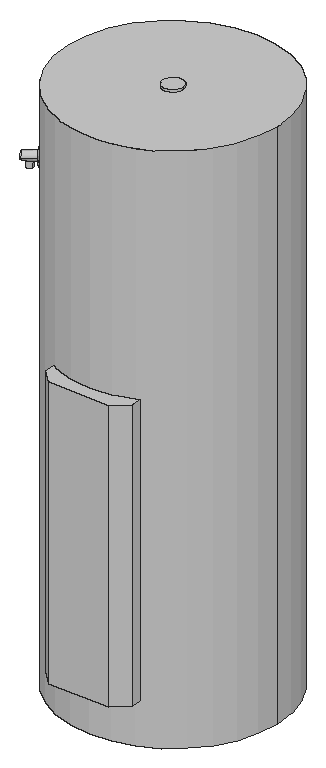
Revit family "DC_Rheem_PLM_ HeavyDutyElectric_315L", category Plumbing Fixtures, host Face, Revit 2020
Family settings
  Host = Face
  Round Connector Dimension = Use Radius
  Part Type = Normal
  Cut with Voids When Loaded = No
  Shared = No
  Room Calculation Point = No
Parameters (values of type "Heavy Duty Electric  - Indoor/Outdoor - 315L - 6 x 3.6kW")
  URL = "http://www.rheem.com.au/CommercialProducts"
  Type Comments = "690L first hour delivery @ 50oC rise"
  T&PRValveConnection_ANZRS = 3/8"
  Radius_ANZRS = Dia / 2  # 319 mm
  Model = "61631507"
  Materials_ANZRS = Rheem - Joey Grey Steel
  Manufacturer = "Rheem"
  L1_ANZRS = 264 mm
  HotWaterPipeRadius_ANZRS = 5/8"
  HotWaterOutletHeight_ANZRS = 1294 mm
  Height_ANZRS = 1635 mm
  H1_ANZRS = 825 mm
  H_ANZRS = 124 mm
  Dia = 638 mm
  DesignBy_ANZRS = "Design Content ©\r\n"
  Description = "Heavy Duty Electric - Indoor/Outdoor - 315L - 6 x 3.6kW"
  Default Elevation = 0 mm
  Cold Water Pipe Radius = 5/8"
  Cold Water Inlet Height = 128 mm
  Author_ANZRS = "DM"
  Assembly Code = ""
Types (6, lengths in mm): name | Type Comments | Model | H1_ANZRS | Description
  Heavy Duty Electric  - Indoor/Outdoor - 315L - 3 x 3.6kW | "500L first hour delivery @ 50oC rise" | "61331507\r\n" | 475 | "Heavy Duty Electric  - Indoor/Outdoor - 315L - 3 x 3.6kW"
  Heavy Duty Electric  - Indoor/Outdoor - 315L - 3 x 4.8kW | "560L first hour delivery @ 50oC rise" | "61331508" | 475 | "Heavy Duty Electric  - Indoor/Outdoor - 315L - 3 x 4.8kW"
  Heavy Duty Electric  - Indoor/Outdoor - 315L - 3 x 6.0kW | "620L first hour delivery @ 50oC rise" | "61331509" | 475 | "Heavy Duty Electric  - Indoor/Outdoor - 315L - 3 x 6.0kW"
  Heavy Duty Electric  - Indoor/Outdoor - 315L - 6 x 3.6kW | "690L first hour delivery @ 50oC rise" | "61631507" | 825 | "Heavy Duty Electric - Indoor/Outdoor - 315L - 6 x 3.6kW"
  Heavy Duty Electric  - Indoor/Outdoor - 315L - 6 x 4.8kW | "810L first hour delivery @ 50oC rise" | "61631508" | 825 | "Heavy Duty Electric - Indoor/Outdoor - 315L - 6 x 4.8kW"
  Heavy Duty Electric  - Indoor/Outdoor - 315L - 6 x 6.0kW | "930L first hour delivery @ 50oC rise" | "61631509" | 825 | "Heavy Duty Electric  - Indoor/Outdoor - 315L - 6 x 6.0kW"
Reference planes
  plane 1 "Center (Front/Back)": y = 0
  plane 2: z = 0
  plane 3 "Center (Left/Right)": x = 0
  plane 4 "Dia 4": x = -319
  plane 5 "Dia 3": x = 319
  plane 6 "Dia 1": y = 319
  plane 7 "Dia 2": y = -319
  plane 8 "Box Depth": y = -359
  plane 9 "Box L1": x = -132
  plane 10 "Box L2": x = 132
  plane 11 "Height": z = 1635
  plane 12 "Box Base": z = 124
  plane 13 "Box H": z = 949
  plane 14: through (-132, -319, 1219.2) normal (-0.7071, -0.7071, 0)
  plane 15: through (132, -319, 1219.2) normal (-0.7071, 0.7071, 0)
  plane 16 "Valve Center": through (0, 0, 1219.2) normal (0.5299, -0.848, 0)
  plane 17 "FireProof Base": z = 0
  plane 18 "Inlet Center": z = 128
  plane 19 "Conn Ex": x = -324
  plane 20 "Outlet Center": z = 1422
  plane 21 "Total H": z = 1640
  plane 22 "Ex 2": through (-259.007, -161.846, 1219.2) normal (-0.848, -0.5299, 0)
  plane 23 "Ex": x = -314
  plane 24 "Base Dia 2": x = 370
  plane 25 "Base Dia 1": x = -370
  plane 26: z = 1392
  plane 27 "C2 Center": y = 274
Forms (mm)
  Extrusion 1, solid, material "Rheem - Joey Grey Steel" <- "Materials_ANZRS"
    sketch origin (0, 0, 0) x (1, 0, 0) y (0, 1, 0)
      loop
        circle (0, 0) r 319
    from 0 to 1635
  Extrusion 2, solid, material "Rheem - Joey Grey Steel" <- "Materials_ANZRS"
    sketch origin (0, 0, 0) x (1, 0, 0) y (0, 1, 0)
      loop
        line (-132, -290.408) -> (-132, -319) -> (-92, -359) -> (92, -359) -> (132, -319) -> (132, -290.408)
        arc (132, -290.408) -> (0, -319) -> (-132, -290.408) r 319
    from 124 to 949
  Extrusion 3, solid, material "Rheem - Joey Grey Steel" <- "Materials_ANZRS"
    sketch origin (0, 0, 0) x (0, 1, 0) y (0, 0, 1)
      loop
        circle (0, 128) r 15.875
    from -324 to -314
  Extrusion 4, solid, material "Rheem - Joey Grey Steel" <- "Materials_ANZRS"
    sketch origin (0, 0, 0) x (1, 0, 0) y (0, 1, 0)
      loop
        circle (0, 0) r 30
    from 1635 to 1640
  Revolve 5, solid, material "Rheem - Joey Grey Steel" <- "Materials_ANZRS"
    sketch origin (-476.919, -4572, 1422) x (-1, 0, 0) y (0, -1, 0)
      loop
        line (-217.912, -4410.154) -> (-201.607, -4436.247) -> (-191.852, -4430.151) -> (-191.852, -4419.554) -> (-196.484, -4412.14) -> (-162.413, -4390.85) -> (-163.939, -4388.408) -> (-161.29, -4386.752) -> (-166.673, -4378.137) -> (-169.323, -4379.792) -> (-217.912, -4410.154)
      axis (-217.912, -4410.154) -> (-166.673, -4378.137)
    angle from 0 to 360
  Extrusion 6, solid, material "Rheem - Joey Grey Steel" <- "Materials_ANZRS"
    sketch origin (0, 0, 0) x (0, 1, 0) y (0, 0, 1)
      loop
        circle (0, 1422) r 15.875
    from -324 to -314
  Extrusion 7, solid, material "Rheem - Joey Grey Steel" <- "Materials_ANZRS"
    sketch origin (0, 0, 0) x (1, 0, 0) y (0, 1, 0)
      loop
        circle (-291.063, -181.877) r 9.525
    from 1392 to 1422
Cuts and joins
  joined: Extrusion 1, Extrusion 2, Extrusion 3, Revolve 5, Extrusion 6, Extrusion 7
Lines and regions (mm)
  Masking region 1
    outline origin (0, 0, 0) x (1, 0, 0) y (0, 1, 0)
      loop
        arc (-92.836, -358.164) -> (0, -370) -> (92.836, -358.164) r 370
        line (92.836, -358.164) -> (132, -319) -> (132, -290.408)
        arc (132, -290.408) -> (268.206, -172.704) -> (319, 0) r 319
        arc (319, 0) -> (-172.704, 268.206) -> (-132, -290.408) r 319
        line (-132, -290.408) -> (-132, -319) -> (-92.836, -358.164)
  Masking region 2
    outline origin (0, 0, 0) x (1, 0, 0) y (0, 0, 1)
      loop
        line (-319, 1635) -> (-319, 0) -> (319, 0) -> (319, 1635) -> (-319, 1635)
  Masking region 3
    outline origin (0, 0, 0) x (0, 1, 0) y (0, 0, 1)
      loop
        line (319, 1635) -> (30, 1635) -> (30, 1640) -> (-30, 1640) -> (-30, 1635) -> (-319, 1635) -> (-319, 949) -> (-359, 949) -> (-359, 124) -> (-319, 124) -> (-319, 0) -> (319, 0) -> (319, 1635)
  symbolic lines, style "Rheem - Heavy Duty Electric", detail levels fine
    curve 1: line (319, 0, 1635) -> (-319, 0, 1635)
    curve 2: line (319, 0, 0) -> (319, 0, 1635)
    curve 3: line (-319, 0, 1635) -> (-319, 0, 1337.875)
    curve 4: line (30, 0, 1640) -> (-30, 0, 1640)
    curve 5: line (30, 0, 1635) -> (30, 0, 1640)
    curve 6: line (-30, 0, 1635) -> (30, 0, 1635)
    curve 7: line (-30, 0, 1640) -> (-30, 0, 1635)
    curve 8: line (-319, 0, 0) -> (319, 0, 0)
    curve 9: line (-324, 0, 1337.875) -> (-319, 0, 1337.875)
    curve 10: line (-324, 0, 1406.125) -> (-319, 0, 1406.125)
    curve 11: line (-324, 0, 1406.125) -> (-324, 0, 1337.875)
    curve 12: arc (-319, 0, 1337.875) -> (-324, 0, 1372) -> (-319, 0, 1406.125) r 118.952
    curve 13: line (-319, 0, 1406.125) -> (-319, 0, 143.875)
    curve 14: line (-319, 0, 112.125) -> (-319, 0, 0)
    curve 15: arc (-319, 0, 143.875) -> (-318.168, 0, 128) -> (-319, 0, 112.125) r 151.867
    curve 16: line (-132, 0, 949) -> (-132, 0, 124)
    curve 17: line (132, 0, 949) -> (132, 0, 124)
    curve 18: line (-132, 0, 949) -> (132, 0, 949)
    curve 19: line (-132, 0, 124) -> (132, 0, 124)
    curve 20: line (92, 0, 124) -> (92, 0, 949)
    curve 21: line (-92, 0, 124) -> (-92, 0, 949)
    curve 22: line (0, 319, 1635) -> (0, -319, 1635)
    curve 23: line (0, 319, 0) -> (0, 319, 1635)
    curve 24: line (0, -319, 0) -> (0, 319, 0)
    curve 25: line (0, -319, 1635) -> (0, -319, 949)
    curve 26: line (0, 30, 1640) -> (0, -30, 1640)
    curve 27: line (0, -30, 1640) -> (0, -30, 1635)
    curve 28: line (0, 30, 1640) -> (0, 30, 1635)
    curve 29: arc (0, 15.875, 1422) -> (0, 0, 1406.125) -> (0, -15.875, 1422) r 15.875
    curve 30: arc (0, -15.875, 1422) -> (0, 0, 1437.875) -> (0, 15.875, 1422) r 15.875
    curve 31: arc (0, 15.875, 128) -> (0, 0, 112.125) -> (0, -15.875, 128) r 15.875
    curve 32: arc (0, -15.875, 128) -> (0, 0, 143.875) -> (0, 15.875, 128) r 15.875
    curve 33: line (0, -359, 124) -> (0, -290.408, 124)
    curve 34: line (0, -359, 949) -> (0, -359, 124)
    curve 35: line (0, -290.408, 949) -> (0, -359, 949)
    curve 36: line (0, -290.408, 124) -> (0, -290.408, 949)
    curve 37: line (0, -319, 124) -> (0, -319, 0)
    curve 38: line (0, -319, 0) -> (0, 319, 0)
    curve 39: arc (-319, 0, 0) -> (0, -319, 0) -> (319, 0, 0) r 319
    curve 40: arc (319, 0, 0) -> (0, 319, 0) -> (-319, 0, 0) r 319
    curve 41: arc (30, 0, 0) -> (0, 30, 0) -> (-30, 0, 0) r 30
    curve 42: arc (-30, 0, 0) -> (0, -30, 0) -> (30, 0, 0) r 30
    curve 43: line (-285.067, -152.446, 0) -> (-261.983, -189.388, 0)
    curve 44: line (-285.067, -152.446, 0) -> (-285.067, -143.171, 0)
    curve 45: line (-261.983, -189.388, 0) -> (-253.646, -193.454, 0)
    curve 46: line (-132, -290.408, 0) -> (-132, -319, 0)
    curve 47: line (-132, -319, 0) -> (-92.836, -358.164, 0)
    curve 48: line (92.836, -358.164, 0) -> (132, -319, 0)
    curve 49: line (132, -319, 0) -> (132, -290.408, 0)
  symbolic lines, style "Rheem - Heavy Duty Electric"
    curve 50: spline (0, -181.15, 1422) -> (0, -181.527, 1425.375) -> (0, -182.631, 1428.52) -> (0, -184.389, 1431.22) -> (0, -186.679, 1433.292) -> (0, -189.346, 1434.595) -> (0, -192.208, 1435.039) -> (0, -195.07, 1434.595) -> (0, -197.736, 1433.292) -> (0, -200.027, 1431.22) -> (0, -201.784, 1428.52) -> (0, -202.889, 1425.375) -> (0, -203.265, 1422)
    curve 51: spline (0, -203.265, 1422) -> (0, -202.889, 1418.625) -> (0, -201.784, 1415.48) -> (0, -200.027, 1412.78) -> (0, -197.736, 1410.708) -> (0, -195.07, 1409.405) -> (0, -192.208, 1408.961) -> (0, -189.346, 1409.405) -> (0, -186.679, 1410.708) -> (0, -184.389, 1412.78) -> (0, -182.631, 1415.48) -> (0, -181.527, 1418.625) -> (0, -181.15, 1422)
    curve 52: spline (0, -152.446, 1422) -> (0, -152.846, 1426.504) -> (0, -154.027, 1430.814) -> (0, -155.938, 1434.743) -> (0, -158.496, 1438.12) -> (0, -161.592, 1440.801) -> (0, -165.091, 1442.669) -> (0, -168.842, 1443.643) -> (0, -172.683, 1443.681) -> (0, -176.447, 1442.782) -> (0, -179.972, 1440.984) -> (0, -183.106, 1438.365) -> (0, -185.713, 1435.039)
    curve 53: spline (0, -172.408, 1400.291) -> (0, -169.868, 1400.255) -> (0, -167.348, 1400.63) -> (0, -164.895, 1401.41) -> (0, -162.556, 1402.579) -> (0, -160.376, 1404.115) -> (0, -158.395, 1405.989) -> (0, -156.65, 1408.167) -> (0, -155.176, 1410.606) -> (0, -153.999, 1413.26) -> (0, -153.142, 1416.08) -> (0, -152.621, 1419.012) -> (0, -152.446, 1422)
    curve 54: spline (0, -159.86, 1422) -> (0, -159.954, 1423.702) -> (0, -160.236, 1425.375) -> (0, -160.701, 1426.99) -> (0, -161.341, 1428.52) -> (0, -162.145, 1429.938) -> (0, -163.098, 1431.22) -> (0, -164.186, 1432.345) -> (0, -165.389, 1433.292) -> (0, -166.686, 1434.047) -> (0, -168.055, 1434.595) -> (0, -169.474, 1434.927) -> (0, -170.917, 1435.039)
    curve 55: spline (0, -170.917, 1408.961) -> (0, -169.474, 1409.073) -> (0, -168.055, 1409.405) -> (0, -166.686, 1409.953) -> (0, -165.389, 1410.708) -> (0, -164.186, 1411.655) -> (0, -163.098, 1412.78) -> (0, -162.145, 1414.062) -> (0, -161.341, 1415.48) -> (0, -160.701, 1417.01) -> (0, -160.236, 1418.625) -> (0, -159.954, 1420.298) -> (0, -159.86, 1422)
    curve 56: line (0, -170.917, 1435.039) -> (0, -192.208, 1435.039)
    curve 57: line (0, -170.917, 1408.961) -> (0, -192.208, 1408.961)
    curve 58: line (0, -172.408, 1408.961) -> (0, -172.408, 1392)
    curve 59: line (0, -172.408, 1392) -> (0, -191.402, 1392)
    curve 60: line (0, -191.402, 1392) -> (0, -191.402, 1408.961)
    curve 61: spline (0, -172.408, 1394.908) -> (0, -163.356, 1395.227) -> (0, -155.002, 1399.06) -> (0, -148.442, 1405.903) -> (0, -144.537, 1414.859) -> (0, -143.799, 1424.752) -> (0, -146.326, 1434.284) -> (0, -151.785, 1442.204) -> (0, -159.461, 1447.472) -> (0, -168.346, 1449.398) -> (0, -177.273, 1447.727) -> (0, -185.072, 1442.681) -> (0, -190.719, 1434.92)
    curve 62: spline (-273.525, 0, 1435.039) -> (-272.623, 0, 1434.927) -> (-271.737, 0, 1434.595) -> (-270.881, 0, 1434.047) -> (-270.07, 0, 1433.292) -> (-269.319, 0, 1432.345) -> (-268.639, 0, 1431.22) -> (-268.043, 0, 1429.938) -> (-267.541, 0, 1428.52) -> (-267.141, 0, 1426.99) -> (-266.851, 0, 1425.375) -> (-266.674, 0, 1423.702) -> (-266.615, 0, 1422)
    curve 63: spline (-266.615, 0, 1422) -> (-266.674, 0, 1420.298) -> (-266.851, 0, 1418.625) -> (-267.141, 0, 1417.01) -> (-267.541, 0, 1415.48) -> (-268.043, 0, 1414.062) -> (-268.639, 0, 1412.78) -> (-269.319, 0, 1411.655) -> (-270.07, 0, 1410.708) -> (-270.881, 0, 1409.953) -> (-271.737, 0, 1409.405) -> (-272.623, 0, 1409.073) -> (-273.525, 0, 1408.961)
    curve 64: spline (-312.461, 0, 1431.259) -> (-311.413, 0, 1432.87) -> (-310.218, 0, 1434.064) -> (-308.923, 0, 1434.797) -> (-307.577, 0, 1435.039) -> (-306.232, 0, 1434.782) -> (-304.939, 0, 1434.036) -> (-303.747, 0, 1432.829) -> (-302.704, 0, 1431.207) -> (-301.847, 0, 1429.233) -> (-301.211, 0, 1426.981) -> (-300.819, 0, 1424.539) -> (-300.687, 0, 1422)
    curve 65: spline (-300.687, 0, 1422) -> (-300.819, 0, 1419.461) -> (-301.211, 0, 1417.019) -> (-301.847, 0, 1414.767) -> (-302.704, 0, 1412.793) -> (-303.747, 0, 1411.171) -> (-304.939, 0, 1409.964) -> (-306.232, 0, 1409.218) -> (-307.577, 0, 1408.961) -> (-308.923, 0, 1409.203) -> (-310.218, 0, 1409.936) -> (-311.413, 0, 1411.13) -> (-312.461, 0, 1412.741)
    curve 66: spline (-302.213, 0, 1422) -> (-302.259, 0, 1420.674) -> (-302.396, 0, 1419.371) -> (-302.623, 0, 1418.112) -> (-302.934, 0, 1416.92) -> (-303.325, 0, 1415.815) -> (-303.79, 0, 1414.816) -> (-304.319, 0, 1413.94) -> (-304.905, 0, 1413.202) -> (-305.536, 0, 1412.614) -> (-306.203, 0, 1412.187) -> (-306.894, 0, 1411.928) -> (-307.596, 0, 1411.841)
    curve 67: spline (-307.596, 0, 1432.159) -> (-306.894, 0, 1432.072) -> (-306.203, 0, 1431.813) -> (-305.536, 0, 1431.386) -> (-304.905, 0, 1430.798) -> (-304.319, 0, 1430.06) -> (-303.79, 0, 1429.184) -> (-303.325, 0, 1428.185) -> (-302.934, 0, 1427.08) -> (-302.623, 0, 1425.888) -> (-302.396, 0, 1424.629) -> (-302.259, 0, 1423.326) -> (-302.213, 0, 1422)
    curve 68: spline (-315.63, 0, 1422) -> (-315.446, 0, 1424.629) -> (-314.908, 0, 1427.08) -> (-314.053, 0, 1429.184) -> (-312.938, 0, 1430.798) -> (-311.639, 0, 1431.813) -> (-310.246, 0, 1432.159) -> (-308.853, 0, 1431.813) -> (-307.554, 0, 1430.798) -> (-306.439, 0, 1429.184) -> (-305.584, 0, 1427.08) -> (-305.046, 0, 1424.629) -> (-304.862, 0, 1422)
    curve 69: spline (-304.862, 0, 1422) -> (-305.046, 0, 1419.371) -> (-305.584, 0, 1416.92) -> (-306.439, 0, 1414.816) -> (-307.554, 0, 1413.202) -> (-308.853, 0, 1412.187) -> (-310.246, 0, 1411.841) -> (-311.639, 0, 1412.187) -> (-312.938, 0, 1413.202) -> (-314.053, 0, 1414.816) -> (-314.908, 0, 1416.92) -> (-315.446, 0, 1419.371) -> (-315.63, 0, 1422)
    curve 70: line (-319, 0, 1435.039) -> (-273.525, 0, 1435.039)
    curve 71: line (-273.525, 0, 1408.961) -> (-281.538, 0, 1408.961)
    curve 72: line (-300.588, 0, 1409.978) -> (-300.588, 0, 1392)
    curve 73: line (-300.588, 0, 1392) -> (-281.538, 0, 1392)
    curve 74: line (-281.538, 0, 1392) -> (-281.538, 0, 1409.978)
    curve 75: line (-300.588, 0, 1408.961) -> (-307.596, 0, 1408.961)
    curve 76: line (-281.538, 0, 1409.978) -> (-300.588, 0, 1409.978)
    curve 77: spline (-281.538, 0, 1407.935) -> (-277.939, 0, 1403.107) -> (-273.628, 0, 1401.361) -> (-269.303, 0, 1402.981) -> (-265.665, 0, 1407.704) -> (-263.302, 0, 1414.765) -> (-262.598, 0, 1423.021) -> (-263.665, 0, 1431.137) -> (-266.331, 0, 1437.797) -> (-270.166, 0, 1441.924) -> (-274.547, 0, 1442.849) -> (-278.765, 0, 1440.423) -> (-282.139, 0, 1435.039)
    curve 78: spline (-283.832, 0, 1435.039) -> (-279.471, 0, 1443.669) -> (-273.414, 0, 1448.532) -> (-266.715, 0, 1448.783) -> (-260.538, 0, 1444.379) -> (-255.957, 0, 1436.084) -> (-253.767, 0, 1425.341) -> (-254.351, 0, 1414.017) -> (-257.605, 0, 1404.081) -> (-262.965, 0, 1397.26) -> (-269.499, 0, 1394.739) -> (-276.071, 0, 1396.957) -> (-281.538, 0, 1403.529)
    curve 79: line (-310.246, 0, 1411.841) -> (-307.596, 0, 1411.841)
    curve 80: line (-307.596, 0, 1432.159) -> (-310.246, 0, 1432.159)
Dimensions and locks
  equal spacing: plane 4 "Dia 4", plane 3 "Center (Left/Right)", plane 5 "Dia 3"
  "Dia": plane 4 "Dia 4" to plane 5 "Dia 3"
  equal spacing: plane 6 "Dia 1", plane 1 "Center (Front/Back)", plane 7 "Dia 2"
  "Dia": plane 6 "Dia 1" to plane 7 "Dia 2"
  locked: plane 7 "Dia 2" to plane 8 "Box Depth" at 40
  equal spacing: plane 9 "Box L1", plane 3 "Center (Left/Right)", plane 10 "Box L2"
  "L1_ANZRS": plane 9 "Box L1" to plane 10 "Box L2"
  "Height_ANZRS": plane 11 "Height" to plane 17 "FireProof Base"
  "H_ANZRS": plane 12 "Box Base" to plane 17 "FireProof Base"
  "H1_ANZRS": plane 13 "Box H" to plane 12 "Box Base"
  "Cold Water Inlet Height": plane 18 "Inlet Center" to host face
  plane 19 "Conn Ex" to plane 4 "Dia 4" = 5 mm
  "HotWaterOutletHeight_ANZRS": plane 20 "Outlet Center" to plane 18 "Inlet Center"
  locked: plane 21 "Total H" to plane 11 "Height" at 5
  equal spacing: plane 25 "Base Dia 1", plane 3 "Center (Left/Right)", plane 24 "Base Dia 2"
  plane 25 "Base Dia 1" to plane 24 "Base Dia 2" = 740 mm
  plane 20 "Outlet Center" to plane 26 = 30 mm
  locked: plane 22 "Ex 2" to plane 16 "Valve Center" at 305.416
  equal spacing: plane 19 "Conn Ex", plane 4 "Dia 4", plane 23 "Ex", locked at 5 each
  "Radius_ANZRS": radius of Extrusion 1 sketch curve
  "Cold Water Pipe Radius": radius of Extrusion 3 sketch curve
  "HotWaterPipeRadius_ANZRS": radius of Extrusion 6 sketch curve
  angle plane 1 "Center (Front/Back)" to plane 16 "Valve Center" = 32.00°
  aligned and locked: plane 2 to host face
  aligned and locked: level to host face
  aligned and locked: plane 11 "Height" to Extrusion 1
  aligned and locked: Extrusion 2 to plane 12 "Box Base"
  aligned and locked: plane 13 "Box H" to Extrusion 2
  aligned and locked: Extrusion 2 sketch curve to cut or joined group of Extrusion 1, Extrusion 2, Extrusion 3, Revolve 5, Extrusion 6, Extrusion 7
  aligned and locked: plane 10 "Box L2" to Extrusion 2 sketch curve
  aligned and locked: Extrusion 2 sketch curve to plane 9 "Box L1"
  aligned and locked: plane 8 "Box Depth" to Extrusion 2 sketch curve
  aligned and locked: plane 8 "Box Depth" to cut or joined group of Extrusion 1, Extrusion 2, Extrusion 3, Revolve 5, Extrusion 6, Extrusion 7
  aligned and locked: cut or joined group of Extrusion 1, Extrusion 2, Extrusion 3, Revolve 5, Extrusion 6, Extrusion 7 to plane 15
  aligned and locked: plane 14 to cut or joined group of Extrusion 1, Extrusion 2, Extrusion 3, Revolve 5, Extrusion 6, Extrusion 7
  aligned and locked: plane 19 "Conn Ex" to Extrusion 3
  aligned: plane 4 "Dia 4" to Extrusion 3
  aligned and locked: Extrusion 4 to plane 11 "Height"
  aligned and locked: plane 21 "Total H" to Extrusion 4
  aligned and locked: plane 20 "Outlet Center" to Extrusion 6 sketch curve
  aligned and locked: plane 1 "Center (Front/Back)" to Extrusion 6 sketch curve
  aligned and locked: plane 19 "Conn Ex" to Extrusion 6
  aligned: plane 4 "Dia 4" to Extrusion 6
  aligned and locked: plane 23 "Ex" to Extrusion 3
  aligned and locked: plane 23 "Ex" to Extrusion 6
  aligned: Extrusion 1 to plane 17 "FireProof Base"
  aligned and locked: plane 20 "Outlet Center" to Extrusion 7
  aligned and locked: Extrusion 7 to plane 26
  aligned and locked: curve 1 to cut or joined group of Extrusion 1, Extrusion 2, Extrusion 3, Revolve 5, Extrusion 6, Extrusion 7
  aligned and locked: curve 2 to cut or joined group of Extrusion 1, Extrusion 2, Extrusion 3, Revolve 5, Extrusion 6, Extrusion 7
  aligned and locked: curve 3 to cut or joined group of Extrusion 1, Extrusion 2, Extrusion 3, Revolve 5, Extrusion 6, Extrusion 7
  aligned and locked: curve 4 to Extrusion 4
  aligned and locked: curve 5 to Extrusion 4
  aligned and locked: curve 6 to curve 1
  aligned and locked: curve 7 to Extrusion 4
  aligned and locked: plane 19 "Conn Ex" to curve 11
  aligned and locked: curve 16 to plane 9 "Box L1"
  aligned and locked: plane 10 "Box L2" to curve 17
  aligned and locked: curve 18 to plane 13 "Box H"
  aligned and locked: curve 19 to plane 12 "Box Base"
  aligned and locked: curve 20 to cut or joined group of Extrusion 1, Extrusion 2, Extrusion 3, Revolve 5, Extrusion 6, Extrusion 7
  aligned and locked: curve 21 to cut or joined group of Extrusion 1, Extrusion 2, Extrusion 3, Revolve 5, Extrusion 6, Extrusion 7
  aligned and locked: curve 22 to cut or joined group of Extrusion 1, Extrusion 2, Extrusion 3, Revolve 5, Extrusion 6, Extrusion 7
  aligned and locked: plane 6 "Dia 1" to curve 23
  aligned and locked: curve 24 to cut or joined group of Extrusion 1, Extrusion 2, Extrusion 3, Revolve 5, Extrusion 6, Extrusion 7
  aligned and locked: plane 7 "Dia 2" to curve 25
  aligned and locked: curve 26 to Extrusion 4
  aligned and locked: curve 29 to cut or joined group of Extrusion 1, Extrusion 2, Extrusion 3, Revolve 5, Extrusion 6, Extrusion 7
  aligned and locked: curve 30 to cut or joined group of Extrusion 1, Extrusion 2, Extrusion 3, Revolve 5, Extrusion 6, Extrusion 7
  aligned and locked: curve 31 to cut or joined group of Extrusion 1, Extrusion 2, Extrusion 3, Revolve 5, Extrusion 6, Extrusion 7
  aligned and locked: curve 32 to cut or joined group of Extrusion 1, Extrusion 2, Extrusion 3, Revolve 5, Extrusion 6, Extrusion 7
  aligned and locked: curve 33 to cut or joined group of Extrusion 1, Extrusion 2, Extrusion 3, Revolve 5, Extrusion 6, Extrusion 7
  aligned and locked: curve 34 to cut or joined group of Extrusion 1, Extrusion 2, Extrusion 3, Revolve 5, Extrusion 6, Extrusion 7
  aligned and locked: curve 35 to cut or joined group of Extrusion 1, Extrusion 2, Extrusion 3, Revolve 5, Extrusion 6, Extrusion 7
  aligned and locked: cut or joined group of Extrusion 1, Extrusion 2, Extrusion 3, Revolve 5, Extrusion 6, Extrusion 7 to curve 36
  aligned and locked: curve 39 to cut or joined group of Extrusion 1, Extrusion 2, Extrusion 3, Revolve 5, Extrusion 6, Extrusion 7
  aligned and locked: curve 40 to cut or joined group of Extrusion 1, Extrusion 2, Extrusion 3, Revolve 5, Extrusion 6, Extrusion 7
  aligned and locked: curve 41 to Extrusion 4
  aligned and locked: curve 42 to Extrusion 4
  aligned and locked: curve 43 to cut or joined group of Extrusion 1, Extrusion 2, Extrusion 3, Revolve 5, Extrusion 6, Extrusion 7
  aligned and locked: Masking region 2 sketch curve to cut or joined group of Extrusion 1, Extrusion 2, Extrusion 3, Revolve 5, Extrusion 6, Extrusion 7
  aligned and locked: Masking region 2 sketch curve to curve 3
  aligned and locked: Masking region 2 sketch curve to curve 2
  aligned and locked: Masking region 3 sketch curve to cut or joined group of Extrusion 1, Extrusion 2, Extrusion 3, Revolve 5, Extrusion 6, Extrusion 7  (x3)
  aligned and locked: curve 23 to Masking region 3 sketch curve
  aligned and locked: host face to Masking region 3 sketch curve
  aligned and locked: cut or joined group of Extrusion 1, Extrusion 2, Extrusion 3, Revolve 5, Extrusion 6, Extrusion 7 to Masking region 3 sketch curve
  aligned and locked: Masking region 3 sketch curve to Extrusion 4
  aligned and locked: curve 25 to Masking region 3 sketch curve
  aligned and locked: curve 37 to Masking region 3 sketch curve
  aligned and locked: Extrusion 1 to level
Automatic sketch dimensions
  host sketch curve to host sketch curve = 2438.4 mm  (x2)
  plane 1 "Center (Front/Back)" to Extrusion 4 sketch curve = 0 mm
  Extrusion 4 sketch curve to plane 3 "Center (Left/Right)" = 0 mm
  plane 14 to Extrusion 2 sketch curve = 0 mm
  Extrusion 2 sketch curve to plane 15 = 0 mm
  plane 7 "Dia 2" to Extrusion 2 sketch curve = 0 mm  (x2)
  plane 1 "Center (Front/Back)" to Revolve 5 sketch curve = 0 mm
  Revolve 5 sketch curve to plane 3 "Center (Left/Right)" = 0 mm
  plane 16 "Valve Center" to Revolve 5 sketch curve = 0 mm  (x2)
  plane 22 "Ex 2" to Revolve 5 sketch curve = 0 mm  (x2)
  Revolve 5 sketch curve to plane 16 "Valve Center" = 0 mm
  Revolve 5 sketch curve to Revolve 5 sketch curve = 16.305 mm
  Revolve 5 sketch curve to Revolve 5 sketch curve = 21.427 mm
  Revolve 5 sketch curve to Revolve 5 sketch curve = 4.632 mm
  plane 23 "Ex" to Revolve 5 sketch curve = 6.404 mm
  Revolve 5 sketch curve to Revolve 5 sketch curve = 2.65 mm
  plane 23 "Ex" to Revolve 5 sketch curve = 1.02 mm
  Revolve 5 sketch curve to plane 23 "Ex" = 0.506 mm
  Revolve 5 sketch curve to plane 23 "Ex" = 1.63 mm
  plane 8 "Box Depth" to Revolve 5 sketch curve = 26.946 mm
  plane 16 "Valve Center" to Extrusion 7 sketch curve = 0 mm
  plane 23 "Ex" to Extrusion 7 sketch curve = 22.937 mm
  plane 7 "Dia 2" to curve 47 = 0 mm
  curve 47 to plane 9 "Box L1" = 0 mm
  plane 14 to curve 47 = 0 mm
  curve 48 to plane 15 = 0 mm
  curve 48 to plane 10 "Box L2" = 0 mm
  plane 7 "Dia 2" to curve 49 = 0 mm
  plane 23 "Ex" to curve 44 = 28.933 mm
  curve 43 to curve 43 = 23.084 mm
  curve 43 to curve 45 = 8.337 mm
  curve 45 to curve 43 = 4.066 mm
  curve 43 to curve 44 = 9.276 mm
  Masking region 2 sketch curve to level = 0 mm
  plane 1 "Center (Front/Back)" to Masking region 3 sketch curve = 30 mm
  Masking region 3 sketch curve to plane 1 "Center (Front/Back)" = 30 mm
  Masking region 3 sketch curve to plane 11 "Height" = 0 mm
  plane 7 "Dia 2" to Masking region 1 sketch curve = 0 mm  (x2)
  Masking region 1 sketch curve to plane 9 "Box L1" = 0 mm
  plane 14 to Masking region 1 sketch curve = 0 mm
  Masking region 1 sketch curve to plane 15 = 0 mm
  Masking region 1 sketch curve to plane 10 "Box L2" = 0 mm
  Masking region 1 sketch curve to plane 5 "Dia 3" = 0 mm
  Masking region 1 sketch curve to Masking region 1 sketch curve = 0 mm  (x3)
  curve 47 to plane 8 "Box Depth" = 0.836 mm
  curve 48 to plane 8 "Box Depth" = 0.836 mm
  curve 24 to plane 7 "Dia 2" = 0 mm
  curve 51 to plane 20 "Outlet Center" = 0 mm
  curve 60 to plane 26 = 0 mm
  curve 53 to plane 20 "Outlet Center" = 0 mm
  curve 55 to plane 20 "Outlet Center" = 0 mm
  curve 27 to plane 21 "Total H" = 0 mm
  curve 51 to plane 7 "Dia 2" = 115.735 mm
  curve 56 to curve 50 = 0 mm
  curve 57 to curve 50 = 0 mm
  curve 50 to curve 60 = 0.806 mm
  curve 57 to curve 54 = 0 mm
  curve 52 to curve 53 = 0 mm  (x2)
  curve 54 to curve 52 = 7.413 mm
  plane 1 "Center (Front/Back)" to curve 27 = 30 mm
  curve 28 to plane 1 "Center (Front/Back)" = 30 mm
  curve 58 to curve 57 = 1.491 mm
  curve 61 to plane 20 "Outlet Center" = 0 mm
  curve 56 to curve 61 = 1.489 mm
  curve 52 to curve 61 = 2.245 mm
  curve 61 to curve 54 = 8.813 mm
  plane 26 to curve 61 = 2.6 mm
  curve 61 to curve 53 = 5.619 mm
  curve 61 to curve 60 = 14.053 mm
  curve 61 to curve 52 = 5.006 mm
  curve 50 to plane 20 "Outlet Center" = 13.039 mm
  curve 53 to curve 52 = 1.491 mm
  curve 50 to curve 50 = 11.058 mm
  curve 15 to plane 18 "Inlet Center" = 0 mm
  curve 15 to plane 4 "Dia 4" = 0 mm
  curve 8 to level = 0 mm
  curve 68 to plane 20 "Outlet Center" = 0 mm
  curve 64 to plane 20 "Outlet Center" = 0 mm
  curve 66 to plane 20 "Outlet Center" = 0 mm
  curve 73 to plane 26 = 0 mm
  curve 63 to plane 20 "Outlet Center" = 0 mm
  curve 78 to plane 20 "Outlet Center" = 0 mm
  plane 25 "Base Dia 1" to curve 15 = 100.035 mm
  curve 14 to plane 4 "Dia 4" = 0 mm
  plane 4 "Dia 4" to curve 8 = 0 mm
  curve 68 to plane 23 "Ex" = 1.63 mm
  plane 23 "Ex" to curve 65 = 1.539 mm
  plane 23 "Ex" to curve 64 = 1.539 mm
  curve 64 to curve 80 = 2.215 mm
  curve 65 to curve 79 = 2.215 mm
  curve 69 to curve 67 = 2.65 mm  (x2)
  curve 65 to curve 80 = 0 mm
  curve 64 to curve 65 = 0 mm
  curve 79 to curve 79 = 2.65 mm
  curve 66 to curve 75 = 0 mm
  curve 67 to curve 66 = 0 mm
  curve 66 to curve 64 = 1.526 mm
  plane 23 "Ex" to curve 73 = 13.412 mm
  curve 65 to curve 78 = 16.855 mm
  curve 78 to curve 77 = 1.693 mm
  plane 20 "Outlet Center" to curve 77 = 0.149 mm
  curve 77 to curve 62 = 8.614 mm
  curve 77 to curve 63 = 0.019 mm
  curve 63 to curve 78 = 3.807 mm
  curve 78 to curve 62 = 3.102 mm
  curve 12 to plane 26 = 20 mm
  curve 12 to plane 9 "Box L1" = 73.048 mm
  plane 9 "Box L1" to curve 21 = 40 mm
  plane 10 "Box L2" to curve 20 = 40 mm
  curve 14 to plane 12 "Box Base" = 11.875 mm
  curve 11 to plane 26 = 54.125 mm
  plane 26 to curve 77 = 9.361 mm
  curve 77 to curve 78 = 2.168 mm
  curve 78 to curve 71 = 5.432 mm
  curve 77 to curve 71 = 1.026 mm
  curve 10 to curve 75 = 2.836 mm
  curve 71 to curve 76 = 1.017 mm
  curve 64 to curve 69 = 0.9 mm
  curve 77 to curve 62 = 8.013 mm
  curve 77 to curve 62 = 0.019 mm
  plane 1 "Center (Front/Back)" to Extrusion 1 sketch curve = 0 mm
  Extrusion 1 sketch curve to plane 3 "Center (Left/Right)" = 0 mm
  Extrusion 3 sketch curve to plane 1 "Center (Front/Back)" = 0 mm
  Extrusion 3 sketch curve to plane 18 "Inlet Center" = 0 mm
  radius of Extrusion 4 sketch curve = 30 mm
  radius of Extrusion 7 sketch curve = 9.525 mm
Connectors
  piping at (-324, 0, 128), diameter 31.75, driven by "Cold Water Pipe Radius"
    settings: on cut or joined group of Extrusion 1, Extrusion 2, Extrusion 3, Revolve 5, Extrusion 6, Extrusion 7, index 1, connector inside diameter 1 1/4", connector length 0 mm, flow factor 0, pipe flow 0 GPM, pressure drop 0.00 psi, fitting loss kfactor 0, connector angle 0.00°, fixture units 0, engagement length 0 mm, angle of deflection 0.00°, flow configuration 1, flow direction 1, fitting loss method 0, system type 20, joint type 0, gender type 0, connector reference index -1, connector utility 0, adjustable connector no, is connector primary no, connector description ""
  piping at (-324, 0, 1422), diameter 31.75, driven by "HotWaterPipeRadius_ANZRS"
    settings: on cut or joined group of Extrusion 1, Extrusion 2, Extrusion 3, Revolve 5, Extrusion 6, Extrusion 7, index 2, connector inside diameter 1 1/4", connector length 0 mm, flow factor 0, pipe flow 0 GPM, pressure drop 0.00 psi, fitting loss kfactor 0, connector angle 0.00°, fixture units 0, engagement length 0 mm, angle of deflection 0.00°, flow configuration 1, flow direction 2, fitting loss method 0, system type 19, joint type 0, gender type 0, connector reference index -1, connector utility 0, adjustable connector no, is connector primary no, connector description ""
  piping at (-291.063, -181.877, 1392), diameter 19.05, driven by "T&PRValveConnection_ANZRS"
    settings: on cut or joined group of Extrusion 1, Extrusion 2, Extrusion 3, Revolve 5, Extrusion 6, Extrusion 7, index 3, connector inside diameter 3/4", connector length 0 mm, flow factor 0, pipe flow 0 GPM, pressure drop 0.00 psi, fitting loss kfactor 0, connector angle 0.00°, fixture units 0, engagement length 0 mm, angle of deflection 0.00°, flow configuration 1, flow direction 2, fitting loss method 0, system type 16, joint type 0, gender type 0, connector reference index -1, connector utility 0, adjustable connector no, is connector primary yes, connector description ""
  electrical at (0, -322.803, 124)
    settings: on cut or joined group of Extrusion 1, Extrusion 2, Extrusion 3, Revolve 5, Extrusion 6, Extrusion 7, index 4, voltage 240 V, apparent load 0 VA, apparent load phase1 0 VA, apparent load phase2 0 VA, apparent load phase3 0 VA, power factor 1, load classification "Power", number of poles 1, system type 30, power factor state 1, is connector primary yes, connector utility no, sub classification motor no, connector description ""
